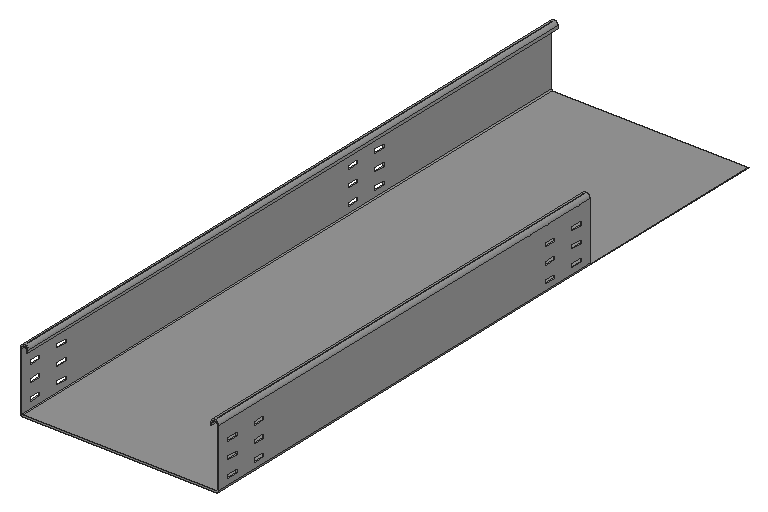
Revit family "Kabelrinne BKRS 1030 90R FS", category Generic Models, Revit 2017
Family settings
  Can host rebar = No
  Round Connector Dimension = Use Diameter
  Part Type = Normal
  Work Plane-Based = No
  Always vertical = Yes
  Cut with Voids When Loaded = No
  Shared = No
  Room Calculation Point = No
Parameters (values of type "BKRS 1030 90R FS")
  Width = 300 mm
  URL = "http://www.obo-bettermann.com"
  Material = Strip galvanised
  Manufacturer Art.No. = "6061934"
  Manufacturer = "OBO BETTERMANN"
  GTIN = "4012196710027"
  Cut's number 3 = 0
  Cut's number 2 = 3
  Cut's number = 2
  Article Type = "BKRS 1030 90R FS"
Reference planes
  plane 1 "Center (Front/Back)": y = 0
  plane 2: z = 0
  plane 3 "Center (Left/Right)": x = 0
  plane 4: y = 1000
  plane 5: y = 700
  plane 6: z = 15.5
  plane 7: y = 25
  plane 8: z = 40.5
  plane 9: y = 25
  plane 10: z = 65.5
  plane 11: y = 25
  plane 12: z = 15.5
  plane 13: y = 75
  plane 14: z = 40.5
  plane 15: y = 75
  plane 16: z = 65.5
  plane 17: y = 75
  plane 18: y = 675
  plane 19: z = 15.5
  plane 20: y = 675
  plane 21: z = 40.5
  plane 22: y = 675
  plane 23: z = 65.5
  plane 24: y = 625
  plane 25: z = 15.5
  plane 26: y = 625
  plane 27: z = 40.5
  plane 28: y = 625
  plane 29: z = 65.5
  plane 30: z = 15.5
  plane 31: y = 25
  plane 32: y = 675
  plane 33: z = 15.5
  plane 34: z = 15.5
Forms (mm)
  Extrusion 1, solid, material "Strip galvanised" <- "Material"
    sketch origin (0, 0, 0) x (1, 0, 0) y (0, 0, 1)
      loop
        line (3.5, 0) -> (296.5, 0)
        arc (296.5, 0) -> (298.975, 1.025) -> (300, 3.5) r 3.5
        line (300, 3.5) -> (300, 91.947)
        arc (300, 91.947) -> (294, 97.947) -> (288, 91.947) r 6
        line (288, 91.947) -> (288, 89) -> (290, 89) -> (290, 91.947)
        arc (290, 91.947) -> (294, 95.947) -> (298, 91.947) r 4
        line (298, 91.947) -> (298, 3.5)
        arc (298, 3.5) -> (297.561, 2.439) -> (296.5, 2) r 1.5
        line (296.5, 2) -> (3.5, 2)
        arc (3.5, 2) -> (2.439, 2.439) -> (2, 3.5) r 1.5
        line (2, 3.5) -> (2, 91.982)
        arc (2, 91.982) -> (6, 95.982) -> (10, 91.982) r 4
        line (10, 91.982) -> (10, 89) -> (12, 89) -> (12, 91.982)
        arc (12, 91.982) -> (6, 97.982) -> (0, 91.982) r 6
        line (0, 91.982) -> (0, 3.5)
        arc (0, 3.5) -> (1.025, 1.025) -> (3.5, 0) r 3.5
    from 0 to -1000
  Extrusion 2, void
    sketch origin (0, 0, 0) x (1, 0, 0) y (0, 1, 0)
      loop
        line (300, 1000) -> (288, 1000) -> (288, 700) -> (300, 700) -> (300, 1000)
    from 2 to 101.83
  Extrusion 3, void
    sketch origin (0, 0, 0) x (0, 1, 0) y (0, 0, 1)
      loop
        line (15, 19) -> (15, 12) -> (35, 12) -> (35, 19) -> (15, 19)
    from 0 to 2
  Extrusion 4, void
    sketch origin (0, 0, 25) x (0, 1, 0) y (0, 0, 1)
      loop
        line (15, 19) -> (15, 12) -> (35, 12) -> (35, 19) -> (15, 19)
    from 0 to 2
  Extrusion 5, void
    sketch origin (0, 0, 50) x (0, 1, 0) y (0, 0, 1)
      loop
        line (15, 19) -> (15, 12) -> (35, 12) -> (35, 19) -> (15, 19)
    from 0 to 2
  Extrusion 6, void
    sketch origin (0, 50, 0) x (0, 1, 0) y (0, 0, 1)
      loop
        line (15, 19) -> (15, 12) -> (35, 12) -> (35, 19) -> (15, 19)
    from 0 to 2
  Extrusion 7, void
    sketch origin (0, 50, 25) x (0, 1, 0) y (0, 0, 1)
      loop
        line (15, 19) -> (15, 12) -> (35, 12) -> (35, 19) -> (15, 19)
    from 0 to 2
  Extrusion 8, void
    sketch origin (0, 50, 50) x (0, 1, 0) y (0, 0, 1)
      loop
        line (15, 19) -> (15, 12) -> (35, 12) -> (35, 19) -> (15, 19)
    from 0 to 2
  Extrusion 9, void
    sketch origin (0, 0, 0) x (0, 1, 0) y (0, 0, 1)
      loop
        line (665, 19) -> (665, 12) -> (685, 12) -> (685, 19) -> (665, 19)
    from 0 to 2
  Extrusion 10, void
    sketch origin (0, 0, 25) x (0, 1, 0) y (0, 0, 1)
      loop
        line (665, 19) -> (665, 12) -> (685, 12) -> (685, 19) -> (665, 19)
    from 0 to 2
  Extrusion 11, void
    sketch origin (0, 0, 50) x (0, 1, 0) y (0, 0, 1)
      loop
        line (665, 19) -> (665, 12) -> (685, 12) -> (685, 19) -> (665, 19)
    from 0 to 2
  Extrusion 12, void
    sketch origin (0, -50, 0) x (0, 1, 0) y (0, 0, 1)
      loop
        line (665, 19) -> (665, 12) -> (685, 12) -> (685, 19) -> (665, 19)
    from 0 to 2
  Extrusion 13, void
    sketch origin (0, -50, 25) x (0, 1, 0) y (0, 0, 1)
      loop
        line (665, 19) -> (665, 12) -> (685, 12) -> (685, 19) -> (665, 19)
    from 0 to 2
  Extrusion 14, void
    sketch origin (0, -50, 50) x (0, 1, 0) y (0, 0, 1)
      loop
        line (665, 19) -> (665, 12) -> (685, 12) -> (685, 19) -> (665, 19)
    from 0 to 2
  Extrusion 15, void
    sketch origin (0, 0, 0) x (0, 1, 0) y (0, 0, 1)
      loop
        line (15, 19) -> (15, 12) -> (35, 12) -> (35, 19) -> (15, 19)
    from 298 to 300
  Extrusion 16, void
    sketch origin (0, 0, 25) x (0, 1, 0) y (0, 0, 1)
      loop
        line (15, 19) -> (15, 12) -> (35, 12) -> (35, 19) -> (15, 19)
    from 298 to 300
  Extrusion 17, void
    sketch origin (0, 0, 50) x (0, 1, 0) y (0, 0, 1)
      loop
        line (15, 19) -> (15, 12) -> (35, 12) -> (35, 19) -> (15, 19)
    from 298 to 300
  Extrusion 18, void
    sketch origin (0, 50, 0) x (0, 1, 0) y (0, 0, 1)
      loop
        line (15, 19) -> (15, 12) -> (35, 12) -> (35, 19) -> (15, 19)
    from 298 to 300
  Extrusion 19, void
    sketch origin (0, 50, 25) x (0, 1, 0) y (0, 0, 1)
      loop
        line (15, 19) -> (15, 12) -> (35, 12) -> (35, 19) -> (15, 19)
    from 298 to 300
  Extrusion 20, void
    sketch origin (0, 50, 50) x (0, 1, 0) y (0, 0, 1)
      loop
        line (15, 19) -> (15, 12) -> (35, 12) -> (35, 19) -> (15, 19)
    from 298 to 300
  Extrusion 21, void
    sketch origin (0, 0, 0) x (0, 1, 0) y (0, 0, 1)
      loop
        line (665, 19) -> (665, 12) -> (685, 12) -> (685, 19) -> (665, 19)
    from 298 to 300
  Extrusion 22, void
    sketch origin (0, 0, 25) x (0, 1, 0) y (0, 0, 1)
      loop
        line (665, 19) -> (665, 12) -> (685, 12) -> (685, 19) -> (665, 19)
    from 298 to 300
  Extrusion 23, void
    sketch origin (0, 0, 50) x (0, 1, 0) y (0, 0, 1)
      loop
        line (665, 19) -> (665, 12) -> (685, 12) -> (685, 19) -> (665, 19)
    from 298 to 300
  Extrusion 24, void
    sketch origin (0, -50, 0) x (0, 1, 0) y (0, 0, 1)
      loop
        line (665, 19) -> (665, 12) -> (685, 12) -> (685, 19) -> (665, 19)
    from 298 to 300
  Extrusion 25, void
    sketch origin (0, -50, 25) x (0, 1, 0) y (0, 0, 1)
      loop
        line (665, 19) -> (665, 12) -> (685, 12) -> (685, 19) -> (665, 19)
    from 298 to 300
  Extrusion 26, void
    sketch origin (0, -50, 50) x (0, 1, 0) y (0, 0, 1)
      loop
        line (665, 19) -> (665, 12) -> (685, 12) -> (685, 19) -> (665, 19)
    from 298 to 300
Cuts and joins
  Extrusion 2, Extrusion 3, Extrusion 4, Extrusion 5, Extrusion 6, Extrusion 7, Extrusion 8, Extrusion 9, Extrusion 10, Extrusion 11, Extrusion 12, Extrusion 13, Extrusion 14, Extrusion 15, Extrusion 16, Extrusion 17, Extrusion 18, Extrusion 19, Extrusion 20, Extrusion 21, Extrusion 22, Extrusion 23, Extrusion 24, Extrusion 25, Extrusion 26 cuts Extrusion 1
Dimensions and locks
  Extrusion 1 sketch curve to Extrusion 1 sketch curve = 300 mm
  locked: Extrusion 1 sketch curve to Extrusion 1 sketch curve at 97.947
  locked: Extrusion 1 sketch curve to Extrusion 1 sketch curve at 97.982
  locked: Extrusion 1 sketch curve to Extrusion 1 sketch curve at 2  (x3)
  locked: Extrusion 1 sketch curve to Extrusion 1 sketch curve at 8.982
  locked: Extrusion 1 sketch curve to Extrusion 1 sketch curve at 8.947
  locked: Extrusion 1 sketch curve to Extrusion 1 sketch curve at 12  (x2)
  locked: plane 1 "Center (Front/Back)" to plane 4 at 1000
  Extrusion 1 to plane 5 = 300 mm
  "Width": cut or joined group 1 (Extrusion 1, Extrusion 2, Extrusion 3, Extrusion 4, Extrusion 5, Extrusion 6, Extrusion 7, Extrusion 8, Extrusion 9, Extrusion 10, Extrusion 11, Extrusion 12, Extrusion 13, Extrusion 14, Extrusion 15, Extrusion 16, Extrusion 17, Extrusion 18, Extrusion 19, Extrusion 20, Extrusion 21, Extrusion 22, Extrusion 23, Extrusion 24, Extrusion 25, Extrusion 26) to cut or joined group 1
  locked: Extrusion 3 sketch curve to Extrusion 3 sketch curve at 7
  locked: plane 6 to Extrusion 3 sketch curve at 3.5
  locked: Extrusion 3 sketch curve to Extrusion 3 sketch curve at 20
  locked: Extrusion 3 sketch curve to plane 7 at 10
  locked: Extrusion 4 sketch curve to Extrusion 4 sketch curve at 7
  locked: plane 8 to Extrusion 4 sketch curve at 3.5
  locked: Extrusion 4 sketch curve to Extrusion 4 sketch curve at 20
  locked: Extrusion 4 sketch curve to plane 9 at 10
  locked: Extrusion 5 sketch curve to Extrusion 5 sketch curve at 7
  locked: plane 10 to Extrusion 5 sketch curve at 3.5
  locked: Extrusion 5 sketch curve to Extrusion 5 sketch curve at 20
  locked: Extrusion 5 sketch curve to plane 11 at 10
  locked: Extrusion 6 sketch curve to Extrusion 6 sketch curve at 7
  locked: plane 12 to Extrusion 6 sketch curve at 3.5
  locked: Extrusion 6 sketch curve to Extrusion 6 sketch curve at 20
  locked: Extrusion 6 sketch curve to plane 13 at 10
  locked: Extrusion 7 sketch curve to Extrusion 7 sketch curve at 7
  locked: plane 14 to Extrusion 7 sketch curve at 3.5
  locked: Extrusion 7 sketch curve to Extrusion 7 sketch curve at 20
  locked: Extrusion 7 sketch curve to plane 15 at 10
  locked: Extrusion 8 sketch curve to Extrusion 8 sketch curve at 7
  locked: plane 16 to Extrusion 8 sketch curve at 3.5
  locked: Extrusion 8 sketch curve to Extrusion 8 sketch curve at 20
  locked: Extrusion 8 sketch curve to plane 17 at 10
  group 1 to group 2 = 0 mm  (x2)
  group 1 to group 2 = 50 mm
  locked: Extrusion 9 sketch curve to Extrusion 9 sketch curve at 7
  locked: Extrusion 9 sketch curve to Extrusion 9 sketch curve at 20
  locked: Extrusion 9 sketch curve to plane 18 at 10
  locked: plane 19 to Extrusion 9 sketch curve at 3.5
  locked: Extrusion 10 sketch curve to Extrusion 10 sketch curve at 7
  locked: Extrusion 10 sketch curve to Extrusion 10 sketch curve at 20
  locked: Extrusion 10 sketch curve to plane 20 at 10
  locked: plane 21 to Extrusion 10 sketch curve at 3.5
  locked: Extrusion 11 sketch curve to Extrusion 11 sketch curve at 7
  locked: Extrusion 11 sketch curve to Extrusion 11 sketch curve at 20
  locked: Extrusion 11 sketch curve to plane 22 at 10
  locked: plane 23 to Extrusion 11 sketch curve at 3.5
  locked: Extrusion 12 sketch curve to Extrusion 12 sketch curve at 7
  locked: Extrusion 12 sketch curve to Extrusion 12 sketch curve at 20
  locked: Extrusion 12 sketch curve to plane 24 at 10
  locked: plane 25 to Extrusion 12 sketch curve at 3.5
  locked: Extrusion 13 sketch curve to Extrusion 13 sketch curve at 7
  locked: Extrusion 13 sketch curve to Extrusion 13 sketch curve at 20
  locked: Extrusion 13 sketch curve to plane 26 at 10
  locked: plane 27 to Extrusion 13 sketch curve at 3.5
  locked: Extrusion 14 sketch curve to Extrusion 14 sketch curve at 7
  locked: Extrusion 14 sketch curve to Extrusion 14 sketch curve at 20
  locked: Extrusion 14 sketch curve to plane 28 at 10
  locked: plane 29 to Extrusion 14 sketch curve at 3.5
  group 3 to group 4 = 0 mm  (x2)
  group 4 to group 3 = 50 mm
  locked: cut or joined group 1 to plane 31 at 25
  locked: plane 30 to level at 15.5
  locked: Extrusion 15 sketch curve to Extrusion 15 sketch curve at 7
  locked: Extrusion 15 sketch curve to Extrusion 15 sketch curve at 20
  locked: Extrusion 16 sketch curve to Extrusion 16 sketch curve at 7
  locked: Extrusion 16 sketch curve to Extrusion 16 sketch curve at 20
  locked: Extrusion 17 sketch curve to Extrusion 17 sketch curve at 7
  locked: Extrusion 17 sketch curve to Extrusion 17 sketch curve at 20
  locked: Extrusion 18 sketch curve to Extrusion 18 sketch curve at 7
  locked: Extrusion 18 sketch curve to Extrusion 18 sketch curve at 20
  locked: Extrusion 19 sketch curve to Extrusion 19 sketch curve at 7
  locked: Extrusion 19 sketch curve to Extrusion 19 sketch curve at 20
  locked: Extrusion 20 sketch curve to Extrusion 20 sketch curve at 7
  locked: Extrusion 20 sketch curve to Extrusion 20 sketch curve at 20
  group 5 to group 6 = 0 mm  (x2)
  group 5 to group 6 = 50 mm
  plane 33 to level = 15.5 mm
  locked: Extrusion 21 sketch curve to Extrusion 21 sketch curve at 7
  locked: Extrusion 21 sketch curve to Extrusion 21 sketch curve at 20
  locked: Extrusion 22 sketch curve to Extrusion 22 sketch curve at 7
  locked: Extrusion 22 sketch curve to Extrusion 22 sketch curve at 20
  locked: Extrusion 23 sketch curve to Extrusion 23 sketch curve at 7
  locked: Extrusion 23 sketch curve to Extrusion 23 sketch curve at 20
  locked: Extrusion 24 sketch curve to Extrusion 24 sketch curve at 7
  locked: Extrusion 24 sketch curve to Extrusion 24 sketch curve at 20
  locked: Extrusion 25 sketch curve to Extrusion 25 sketch curve at 7
  locked: Extrusion 25 sketch curve to Extrusion 25 sketch curve at 20
  locked: Extrusion 26 sketch curve to Extrusion 26 sketch curve at 7
  locked: Extrusion 26 sketch curve to Extrusion 26 sketch curve at 20
  group 7 to group 8 = 0 mm  (x2)
  group 8 to group 7 = 50 mm
  aligned and locked: level to plane 2
  aligned and locked: plane 1 "Center (Front/Back)" to Extrusion 1
  aligned and locked: plane 4 to Extrusion 1
  aligned and locked: Extrusion 2 to Extrusion 1  (x3)
  aligned and locked: Extrusion 3 to plane 3 "Center (Left/Right)"
  aligned and locked: Extrusion 1 to Extrusion 3
  aligned and locked: Extrusion 9 to plane 3 "Center (Left/Right)"
  aligned and locked: Extrusion 1 to Extrusion 9
  aligned and locked: Extrusion 1 to Extrusion 15  (x2)
  aligned and locked: plane 34 to plane 33
  aligned and locked: Extrusion 1 to Extrusion 21  (x2)
Automatic sketch dimensions
  Extrusion 1 sketch curve to Extrusion 1 sketch curve = 0 mm  (x8)
  Extrusion 1 sketch curve to plane 3 "Center (Left/Right)" = 0 mm
  Extrusion 1 sketch curve to level = 0 mm
  Extrusion 1 sketch curve to Extrusion 1 sketch curve = 1.5 mm  (x2)
  Extrusion 2 sketch curve to plane 4 = 0 mm
  Extrusion 2 sketch curve to plane 5 = 0 mm
  plane 3 "Center (Left/Right)" to Extrusion 2 sketch curve = 288 mm
  Extrusion 2 sketch curve to Extrusion 2 sketch curve = 12 mm
